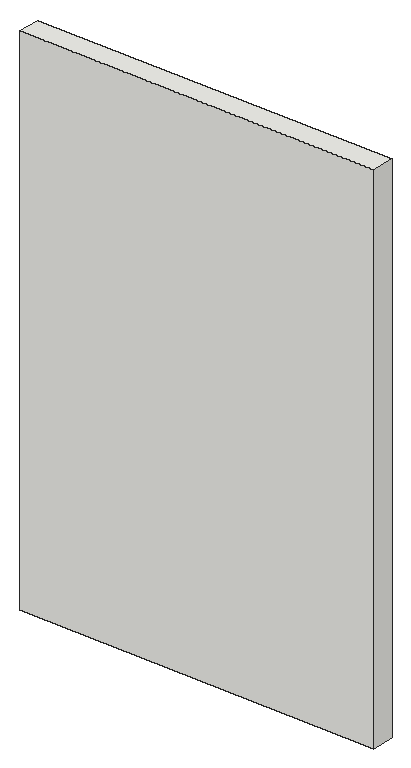
Revit family "817c8e0af436428a8c5e76344fc5bced", category Curtain Panels, Revit 2021
Family settings
  OmniClass Number = 23.25.20.14.11.11.17
  OmniClass Title = Infill Panels
  Seek Item ID = Solid Panel-0000-USA-ENU
  Always vertical = Yes
  Cut with Voids When Loaded = No
  Shared = No
Parameters (values of type "Solid Panel")
  Visual Light Transmittance = 0
  Solar Heat Gain Coefficient = 0
  Offset = 0' - 5"
  Define Thermal Properties by = Schematic Type
  Construction Type Id = ""
  Heat Transfer Coefficient (U) = 0.651978 BTU/(h·ft²·°F)
  Assembly Code = "B2020220"
  Material = Steel, Paint Finish, Ivory, Matte
  Thickness = 0' - 4"
  Analytic Construction = Metal
Reference planes (in)
  plane 1: y = 0
  plane 2: z = 0
  plane 3: x = 0
  plane 4: x = -32.75106
  plane 5: x = 32.75106
  plane 6: z = 96
  plane 7: y = 5
  plane 8: y = 1
Forms (in)
  Extrusion 1, solid, material "Steel, Paint Finish, Ivory, Matte" <- "Material"
    sketch origin (0, 0, 0) x (1, 0, 0) y (0, 1, 0)
      loop
        line (-32.75106, 1) -> (32.75106, 1) -> (32.75106, 5) -> (-32.75106, 5) -> (-32.75106, 1)
    from 0 to 96
Lines and regions (in)
  symbolic lines, style "Panel Material 1"
    curve 1: line (32.75106, 5, 0) -> (-32.75106, 5, 0)
    curve 2: line (32.75106, 1, 0) -> (32.75106, 5, 0)
    curve 3: line (-32.75106, 1, 0) -> (32.75106, 1, 0)
    curve 4: line (-32.75106, 5, 0) -> (-32.75106, 1, 0)
Text (in)
  text "Exterior" at (-65.12119, 31.38743, 0), in view "Base Line"
Dimensions and locks (in)
  equal spacing: plane 4, plane 3, plane 5
  "Offset": plane 1 to plane 7
  "Thickness": plane 8 to plane 7
  aligned and locked: plane 5 to Extrusion 1 sketch curve
  aligned and locked: Extrusion 1 sketch curve to plane 5
  aligned and locked: Extrusion 1 to level
  aligned and locked: Extrusion 1 to plane 6
Automatic sketch dimensions
  Extrusion 1 sketch curve to plane 4 = 0' - 0"
  Extrusion 1 sketch curve to plane 8 = 0' - 0"
  Extrusion 1 sketch curve to plane 7 = 0' - 0"
  curve 1 to plane 4 = 0' - 0"
  curve 3 to plane 5 = 0' - 0"
  curve 3 to plane 8 = 0' - 0"
  curve 2 to plane 7 = 0' - 0"
